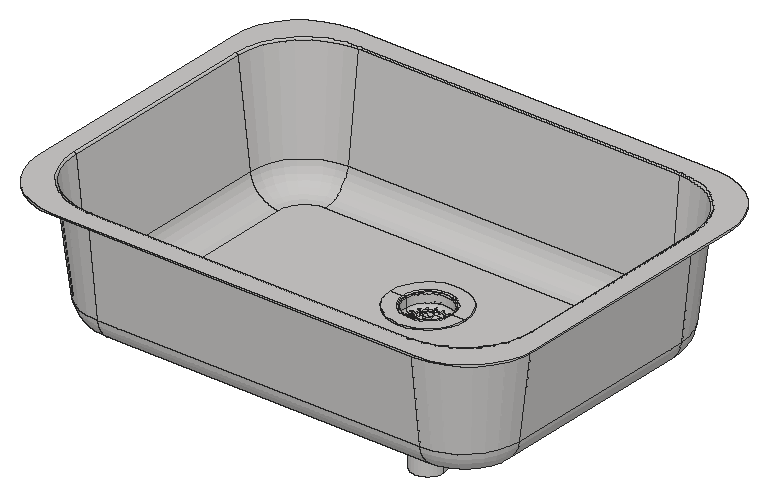
Revit family "Sink-Single_Bowl-American_Standard-Portsmouth-18SB6231800S.075", category Plumbing Fixtures, Revit 2019 (continued)
Definition of nested family "Strainer 2"
  Automatic sketch dimensions
    curve 58 to curve 56 = 0.19947"
    curve 109 to curve 83 = 0.08902"
    curve 72 to curve 74 = 0.19413"
    curve 93 to curve 92 = 0.08898"
    curve 60 to curve 59 = 0.06623"
    curve 70 to curve 72 = 0.06623"
    curve 61 to curve 60 = 0.07381"
    curve 69 to curve 71 = 0.06658"
    curve 108 to curve 83 = 0.16982"
    curve 63 to curve 62 = 0.03524"
    curve 67 to curve 68 = 0.03524"
    curve 94 to curve 93 = 0.1645"
    curve 64 to curve 62 = 0.02849"
    curve 66 to curve 64 = 0"
    curve 106 to curve 107 = 0.06608"
    curve 96 to curve 94 = 0.06605"
    curve 105 to curve 107 = 0.1127"
    curve 97 to curve 95 = 0.10551"
    curve 103 to curve 104 = 9/256"
    curve 99 to curve 98 = 9/256"
    curve 102 to curve 104 = 0.04198"
    curve 100 to curve 101 = 0"
    curve 73 to curve 74 = 0.08924"
    curve 57 to curve 56 = 0.08924"
    curve 1 to plane 16 = 0.00019"
    curve 14 to curve 12 = 0.13048"
    curve 20 to curve 21 = 0.08926"
    curve 11 to curve 10 = 0.08925"
    curve 34 to curve 32 = 0.20348"
    curve 21 to curve 22 = 0.11021"
    curve 39 to curve 41 = 0.08913"
    curve 11 to curve 9 = 0.10485"
    curve 31 to curve 30 = 0.08914"
    curve 22 to curve 24 = 0.06626"
    curve 8 to curve 7 = 0.06625"
    curve 24 to curve 25 = 0.07379"
    curve 8 to curve 6 = 0.06654"
    curve 41 to curve 42 = 0.16973"
    curve 25 to curve 27 = 0.03525"
    curve 5 to curve 4 = 0.03528"
    curve 31 to curve 29 = 0.16437"
    curve 26 to curve 28 = 0.02848"
    curve 2 to curve 3 = 0"
    curve 42 to curve 44 = 0.06615"
    curve 29 to curve 54 = 0.06615"
    curve 44 to curve 45 = 0.11264"
    curve 53 to curve 53 = 0.06989"
    curve 46 to curve 47 = 0.0352"
    curve 52 to curve 51 = 0.03519"
    curve 46 to curve 48 = 0.04198"
    curve 48 to curve 50 = 0"
    curve 101 to plane 3 "Center (Left/Right)" = 0.01063"
    curve 65 to plane 3 "Center (Left/Right)" = 0.01068"
    curve 49 to curve 50 = 0.00011"
    curve 2 to curve 2 = 0"
    curve 3 to plane 3 "Center (Left/Right)" = 0.03829"
    curve 50 to plane 3 "Center (Left/Right)" = 0.03829"
    curve 101 to curve 101 = 0.00018"
    curve 4 to curve 5 = 0.01411"
    curve 63 to curve 62 = 0.00008"
    curve 63 to curve 62 = 0.0171"
    curve 5 to curve 5 = 0.04887"
    curve 52 to curve 51 = 0.02616"
    curve 62 to curve 62 = 0.04877"
    curve 104 to curve 103 = 0.02014"
    curve 5 to curve 5 = 0.00039"
    curve 52 to curve 52 = 0.04726"
    curve 61 to curve 62 = 0.01672"
    curve 104 to curve 103 = 0.0497"
    curve 52 to curve 53 = 0.00145"
    curve 105 to curve 105 = 0.02019"
    curve 104 to curve 104 = 0.00136"
    curve 59 to curve 59 = 0.00009"
    curve 7 to curve 7 = 0.0272"
    curve 8 to curve 7 = 0.03892"
    curve 60 to curve 60 = 0.03218"
    curve 59 to curve 59 = 0.04013"
    curve 8 to curve 8 = 0.0001"
    curve 54 to curve 54 = 0.04837"
    curve 9 to curve 8 = 0.0286"
    curve 107 to curve 106 = 0.03769"
    curve 58 to curve 59 = 0.03113"
    curve 29 to curve 29 = 0.04693"
    curve 57 to curve 56 = 0.00003"
    curve 29 to curve 55 = 0.03742"
    curve 11 to curve 10 = 0.02498"
    curve 108 to curve 108 = 0.03839"
    curve 107 to curve 106 = 0.04203"
    curve 56 to curve 56 = 0.02664"
    curve 10 to curve 10 = 0.03776"
    curve 11 to curve 12 = 0.00013"
    curve 55 to curve 29 = 0.0026"
    curve 57 to curve 56 = 0.04287"
    curve 107 to curve 107 = 0.00236"
    curve 12 to curve 11 = 0.03964"
    curve 82 to plane 16 = 0.31331"
    curve 82 to curve 56 = 0.04121"
    curve 80 to curve 80 = 0.00005"
    curve 14 to curve 13 = 0.00801"
    curve 79 to curve 80 = 0.00992"
    curve 14 to curve 15 = 0.00011"
    curve 31 to curve 30 = 0.06399"
    plane 16 to curve 13 = 0.19499"
    curve 13 to curve 13 = 0.04434"
    curve 109 to curve 109 = 0.05123"
    curve 81 to plane 16 = 0.16479"
    curve 81 to curve 80 = 0.04774"
    plane 16 to curve 15 = 0.09371"
    curve 15 to curve 14 = 0.04644"
    curve 79 to plane 16 = 0.06276"
    curve 79 to curve 80 = 0.0457"
    curve 31 to curve 32 = 0.06217"
    curve 84 to plane 16 = 0.37081"
    curve 84 to curve 84 = 0.05252"
    curve 31 to curve 31 = 0.02311"
    curve 83 to curve 109 = 0.02935"
    curve 31 to curve 31 = 0.0034"
    plane 16 to curve 33 = 0.21337"
    curve 34 to curve 33 = 0.07134"
    curve 83 to curve 83 = 0.0031"
    curve 85 to plane 16 = 0.18471"
    curve 85 to curve 85 = 0.05919"
    plane 16 to curve 35 = 0.11205"
    curve 35 to curve 35 = 0.06938"
    curve 87 to plane 16 = 0.08273"
    curve 86 to curve 87 = 0.06094"
    curve 34 to curve 34 = 0.00605"
    curve 86 to curve 85 = 0.01319"
    curve 34 to curve 34 = 0.00374"
    curve 86 to curve 87 = 0.00353"
    plane 3 "Center (Left/Right)" to curve 49 = 0.01335"
    curve 2 to curve 2 = 0.05154"
    curve 65 to curve 65 = 0"
    plane 3 "Center (Left/Right)" to curve 66 = 0.04099"
    plane 3 "Center (Left/Right)" to curve 48 = 0.06494"
    curve 68 to curve 67 = 0.01638"
    curve 26 to curve 27 = 0"
    curve 26 to curve 27 = 0.01437"
    curve 67 to curve 68 = 0.04806"
    curve 99 to curve 99 = 0.02087"
    curve 26 to curve 25 = 0.04871"
    curve 47 to curve 46 = 0.02593"
    curve 98 to curve 98 = 0.0011"
    curve 68 to curve 69 = 0.00012"
    curve 47 to curve 46 = 0.00122"
    curve 68 to curve 69 = 0.01701"
    curve 98 to curve 98 = 0.04685"
    curve 26 to curve 25 = 0.01396"
    curve 47 to curve 46 = 0.04946"
    curve 97 to curve 97 = 0.02003"
    curve 45 to curve 45 = 0.02613"
    curve 23 to curve 24 = 0.00008"
    curve 70 to curve 70 = 0.0302"
    curve 70 to curve 71 = 0.03883"
    curve 23 to curve 24 = 0.02725"
    curve 23 to curve 22 = 0.04001"
    curve 71 to curve 71 = 0.00026"
    curve 96 to curve 95 = 0.0396"
    curve 72 to curve 72 = 0.03111"
    curve 44 to curve 44 = 0.04844"
    curve 23 to curve 22 = 0.02643"
    curve 96 to curve 95 = 0.00234"
    curve 43 to curve 43 = 0.00235"
    curve 94 to curve 95 = 0.03859"
    curve 20 to curve 21 = 0.00019"
    curve 95 to curve 94 = 0.03658"
    curve 42 to curve 42 = 0.04902"
    curve 73 to curve 74 = 0.0248"
    curve 43 to curve 43 = 0.04149"
    curve 20 to curve 20 = 0.0265"
    curve 74 to curve 73 = 0.03961"
    curve 20 to curve 21 = 0.03733"
    curve 74 to curve 74 = 0.00766"
    curve 74 to curve 75 = 0.03299"
    plane 16 to curve 19 = 0.31769"
    curve 19 to curve 19 = 0.03628"
    curve 17 to curve 17 = 0.0003"
    curve 77 to curve 77 = 0.0079"
    curve 17 to curve 16 = 0.00981"
    curve 78 to curve 77 = 0.00889"
    curve 93 to curve 92 = 0.05434"
    curve 41 to curve 41 = 0.06461"
    curve 76 to plane 16 = 0.18766"
    curve 77 to curve 76 = 0.0437"
    plane 16 to curve 18 = 0.17125"
    curve 18 to curve 18 = 0.04351"
    curve 78 to plane 16 = 0.08619"
    curve 77 to curve 78 = 0.03592"
    plane 16 to curve 16 = 0.06939"
    curve 17 to curve 16 = 0.04238"
    plane 16 to curve 39 = 0.37058"
    curve 39 to curve 39 = 0.06544"
    curve 91 to curve 92 = 0.05328"
    curve 93 to curve 92 = 0.0034"
    curve 40 to curve 40 = 0.00313"
    curve 92 to curve 92 = 0.02182"
    curve 40 to curve 40 = 0.02848"
    plane 16 to curve 38 = 0.1896"
    curve 38 to curve 38 = 0.07239"
    curve 90 to plane 16 = 0.20761"
    curve 90 to curve 89 = 0.06309"
    plane 16 to curve 36 = 0.08776"
    curve 36 to curve 36 = 0.07335"
    curve 88 to plane 16 = 0.10612"
    curve 88 to curve 89 = 0.06206"
    curve 90 to curve 89 = 0.00411"
    curve 37 to curve 37 = 0.00348"
    curve 89 to curve 89 = 0.00436"
    curve 37 to curve 37 = 0.01199"
    curve 73 to curve 74 = 0.02296"
    curve 109 to curve 109 = 0.0293"
    curve 92 to curve 93 = 0.03111"
    curve 58 to curve 59 = 0.03702"
    curve 72 to curve 72 = 0.03686"
    curve 60 to curve 60 = 0.03857"
    curve 70 to curve 70 = 0.03607"
    curve 108 to curve 108 = 0.04606"
    curve 95 to curve 94 = 0.04637"
    curve 61 to curve 62 = 0.04579"
    curve 107 to curve 106 = 0.04456"
    curve 69 to curve 68 = 0.04633"
    curve 95 to curve 96 = 0.04685"
    curve 63 to curve 62 = 0.04742"
    curve 67 to curve 68 = 0.04516"
    curve 64 to curve 64 = 0.04863"
    curve 66 to curve 66 = 0.05011"
    curve 105 to curve 105 = 0.05608"
    curve 97 to curve 97 = 0.05572"
    curve 104 to curve 103 = 0.05459"
    curve 99 to curve 99 = 0.05663"
    curve 102 to curve 102 = 0.05973"
    curve 100 to curve 100 = 0.05846"
    curve 57 to curve 56 = 0.02491"
    curve 92 to curve 91 = 0.03105"
    curve 75 to curve 74 = 0.0177"
    curve 11 to curve 12 = 0.02274"
    curve 32 to curve 31 = 0.03608"
    curve 20 to curve 21 = 0.02169"
    curve 10 to curve 10 = 0.02186"
    curve 41 to curve 41 = 0.03711"
    curve 30 to curve 31 = 0.03679"
    curve 23 to curve 22 = 0.03143"
    curve 8 to curve 9 = 0.03391"
    curve 23 to curve 24 = 0.03265"
    curve 42 to curve 42 = 0.05866"
    curve 7 to curve 7 = 0.03248"
    curve 29 to curve 29 = 0.05619"
    curve 26 to curve 25 = 0.03822"
    curve 44 to curve 44 = 0.05747"
    curve 54 to curve 54 = 0.05743"
    curve 26 to curve 27 = 0.03983"
    curve 5 to curve 4 = 0.0389"
    curve 2 to curve 28 = 0.0408"
    curve 2 to curve 3 = 0.04259"
    curve 45 to curve 45 = 0.07222"
    curve 47 to curve 46 = 0.07075"
    curve 51 to curve 52 = 0.07144"
    curve 48 to curve 49 = 0.0767"
    curve 50 to curve 49 = 0.07508"
    curve 35 to curve 15 = 0.17336"
    curve 5 to curve 53 = 0.14"
    curve 6 to curve 5 = 0.01488"
    curve 5 to curve 6 = 0.04078"
    Revolve 2 sketch curve to plane 3 "Center (Left/Right)" = 0"
    Revolve 2 sketch curve to plane 18 = 0"
    plane 17 to Revolve 2 sketch curve = 0.07754"
    Revolve 2 sketch curve to plane 18 = 0.97746"
    plane 15 to Revolve 2 sketch curve = 1/2"
    radius of Extrusion 3 sketch curve = 1.09217"
    radius of Extrusion 3 sketch curve = 1.07624"
    radius of Masking region 1 sketch curve = 1.74981"
    radius of curve 1 = 1.09217"
